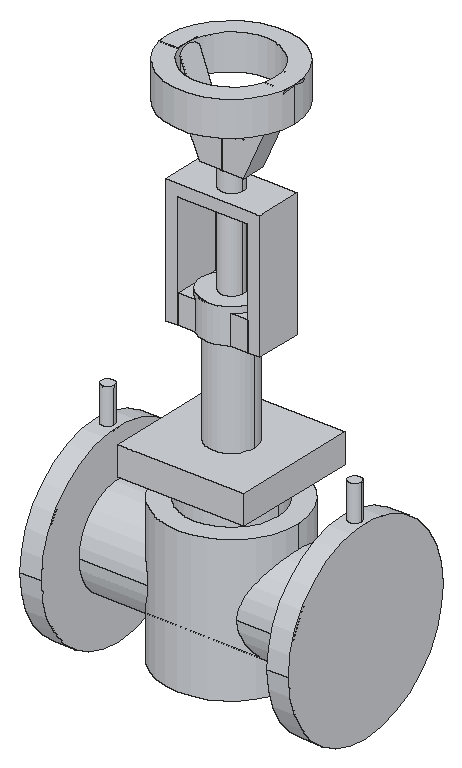
Revit family "Sigma_Compact_DN050-HF_PN16_RFA_2019", category Pipe Accessories, Revit 2019
Family settings
  Round Connector Dimension = Use Diameter
  Part Type = Valve - Breaks Into
  Work Plane-Based = No
  Always vertical = Yes
  Cut with Voids When Loaded = No
  Shared = No
Parameters (values of type "Sigma Compact DN 050 HF PN16")
  magiProductId = "68e8ec0e285d475ea5c3f8787337ca"
  magiProductFamilyId = "01495da7eb234de3883c6bc9c8853e"
  magiPartTypeId = 304
  isMeasuringValve [instance] = no
  ang2D [instance] = 0.00°
  W2D = 50 mm
  VersionID = "2.0/2018.12.13.2/FRESE_SIGMA_C_BIG_Q13_001"
  Use Minimum Symbol Size [instance] = no
  URL = "www.hydronix.cz"
  Type Comments = "přírubový; PN16; max dp=800kPa; 0~+120°C; max uzavírací tlak 1MPa"
  R4 = 40.25 mm
  R3 = 42.9 mm
  R1 = 57.5 mm
  QmdConnectorList = "301;D;302;D"
  Productdata [instance] = ""
  Manufacturer = "Hydronix"
  Maintenance Zone Under Depth [instance] = 100 mm
  Maintenance Zone Right Depth [instance] = 100 mm
  Maintenance Zone Over Depth [instance] = 100 mm
  Maintenance Zone Left Depth [instance] = 100 mm
  Maintenance Zone Front Depth [instance] = 100 mm
  Maintenance Zone Back Depth [instance] = 100 mm
  Maintenance Zone Front Visibility [instance] = no
  MC Use Limits From Balancing Method = no
  MC Throttling Minimum Value = 0
  MC Throttling Maximum Value = 0
  MC Product Code = "53-2410 DN50; PN16; (3920-24000 l/h); kvs=34"
  MC Pressure Drop Minimum Value = 0.0 Pa
  MC Pressure Drop Maximum Value = 0.0 Pa
  MC Piping Given Pressure Drop [instance] = 0.0 Pa
  LF__ve = -LF  # -18.4 mm
  LF2 = 9.2 mm
  LF = 18.4 mm
  L432 = 18.917 mm
  L43 = 37.835 mm
  L42 = 54.05 mm
  L4 = 108.1 mm
  L3 = 193.2 mm
  L2D_Min = 30.48 mm
  L2D = 230 mm
  L2 = 115 mm
  HH12 = 16.5 mm
  HH1 = 33 mm
  HDF__ve = -HDF  # -202 mm
  HDF = 202 mm
  H6 = 85 mm
  H4 = 24.75 mm
  H3 = 20.625 mm
  H2 = 61.875 mm
  H11 = 123.75 mm
  H1 = 480 mm
  H = 367 mm
  Description = "Automatický vyvažovací ventil"
  DF2 = 82.5 mm
  D = 50 mm
  Clearance Zone Height Depth [instance] = 100 mm
  Clearance Zone Circular Radius [instance] = 115 mm
  Clearance Zone Visibility [instance] = no
  CAT0 = yes
Types (9, lengths in mm): name | magiProductId | Type Comments | R4 | R3 | R1 | MC Product Code | LF__ve | LF2 | LF | L432 | L43 | L42 | L4 | L3 | L2 | HH12 | HH1 | HDF__ve | HDF | H4 | H3 | H2 | H11 | H1 | H | DF2 | D | Clearance Zone Circular Radius
  Sigma Compact DN 050 HF PN16 | "68e8ec0e285d475ea5c3f8787337ca" | "přírubový; PN16; max dp=800kPa; 0~+120°C; max uzavírací tlak 1MPa" | 40.25 | 42.9 | 57.5 | "53-2410 DN50; PN16; (3920-24000 l/h); kvs=34" | -18.4 | 9.2 | 18.4 | 18.917 | 37.835 | 54.05 | 108.1 | 193.2 | 115 | 16.5 | 33 | -202 | 202 | 24.75 | 20.625 | 61.875 | 123.75 | 480 | 367 | 82.5 | 50 | 115
  Sigma Compact DN 065 HF PN16 | "93d22af618bf47d6be13ef3bd41a97" | "přírubový; PN16; max dp=800kPa; 0~+120°C; max uzavírací tlak 1MPa" | 50.75 | 48.1 | 72.5 | "53-2411 DN65; PN16; (5950-35000 l/h); kvs=47" | -23.2 | 11.6 | 23.2 | 23.853 | 47.705 | 68.15 | 136.3 | 243.6 | 145 | 16.5 | 33 | -199 | 199 | 27.75 | 23.125 | 69.375 | 138.75 | 497 | 384 | 92.5 | 65 | 145
  Sigma Compact DN 080 HF PN16 | "30d16928369c437789493110503824" | "přírubový; PN16; max dp=800kPa; 0~+120°C; max uzavírací tlak 1MPa" | 54.25 | 52 | 77.5 | "53-2412 DN80; PN16; (7020-43000 l/h); kvs=61" | -24.8 | 12.4 | 24.8 | 25.497 | 50.995 | 72.85 | 145.7 | 260.4 | 155 | 16.5 | 33 | -213 | 213 | 30 | 25 | 75 | 150 | 526 | 413 | 100 | 80 | 155
  Sigma Compact DN 100 HF PN16 | "cbc2fc0a341c4a2b87b0bcbf79c376" | "přírubový; PN16; max dp=800kPa; 0~+120°C; max uzavírací tlak 1MPa" | 61.25 | 61.1 | 87.5 | "53-2413 DN100; PN16; (14800-90000 l/h); kvs=104" | -28 | 14 | 28 | 28.788 | 57.575 | 82.25 | 164.5 | 294 | 175 | 34 | 68 | -331 | 331 | 35.25 | 29.375 | 88.125 | 176.25 | 714 | 566 | 117.5 | 100 | 175
  Sigma Compact DN 125 HF PN16 | "02452206f7594718b3d97e4e693144" | "přírubový; PN16; max dp=800kPa; 0~+120°C; max uzavírací tlak 1MPa" | 70 | 70.2 | 100 | "53-2414 DN125; PN16; (23000-135000 l/h); kvs=185" | -32 | 16 | 32 | 32.9 | 65.8 | 94 | 188 | 336 | 200 | 36.5 | 73 | -338 | 338 | 40.5 | 33.75 | 101.25 | 202.5 | 761 | 608 | 135 | 125 | 200
  Sigma Compact DN 150 HF PN16 | "2e5d0064e2dd45fa818d7fb779c9a5" | "přírubový; PN16; max dp=800kPa; 0~+110°C; max uzavírací tlak 1MPa" | 84 | 74.1 | 120 | "53-2415 DN150; PN16; (32000-195000 l/h); kvs=242" | -38.4 | 19.2 | 38.4 | 39.48 | 78.96 | 112.8 | 225.6 | 403.2 | 240 | 13 | 26 | -391 | 391 | 42.75 | 35.625 | 106.875 | 213.75 | 782 | 676 | 142.5 | 150 | 240
  Sigma Compact DN 200 HF PN16 | "9690c155034b41f3a54554dedb5edf" | "přírubový; PN16; max dp=800kPa; 0~+110°C; max uzavírací tlak 1MPa" | 105 | 98.8 | 150 | "53-2416 DN200; PN16; (130000-280000 l/h); kvs=317" | -48 | 24 | 48 | 49.35 | 98.7 | 141 | 282 | 504 | 300 | 29.5 | 59 | -334 | 334 | 57 | 47.5 | 142.5 | 285 | 853 | 714 | 190 | 200 | 300
  Sigma Compact DN 250 HF PN16 | "baee3668eb0d4f168225ec1ed946f7" | "přírubový; PN16; max dp=800kPa; 0~+110°C; max uzavírací tlak 1MPa" | 127.75 | 115.44 | 182.5 | "53-2417 DN250; PN16; (245000-600000 l/h); kvs=717" | -58.4 | 29.2 | 58.4 | 60.042 | 120.085 | 171.55 | 343.1 | 613.2 | 365 | 29 | 58 | -462 | 462 | 66.6 | 55.5 | 166.5 | 333 | 1044 | 906 | 222 | 250 | 365
  Sigma Compact DN 300 HF PN16 | "f903017b03a74a7ebca8b59c0516bf" | "přírubový; PN16; max dp=800kPa; 0~+110°C; max uzavírací tlak 1MPa" | 148.75 | 135.2 | 212.5 | "53-2418 DN300; PN16; (245000-600000 l/h); kvs=717" | -68 | 34 | 68 | 69.912 | 139.825 | 199.75 | 399.5 | 714 | 425 | 29 | 58 | -424 | 424 | 78 | 65 | 195 | 390 | 1082 | 944 | 260 | 300 | 425
Reference planes
  plane 1 "Center (Front/Back)": y = 0
  plane 2 "XYPLANE": z = 0
  plane 3 "Center (Left/Right)": x = 0
  plane 4 "298": y = -182.5
  plane 5 "297": y = 182.5
  plane 6 "296": y = -82.5
  plane 7 "295": y = 82.5
  plane 8 "294": z = -182.5
  plane 9 "293": z = 497.5
  plane 10 "292": x = -215
  plane 11 "291": x = 215
  plane 12 "290": z = 497.5
  plane 13 "256": y = -20
  plane 14 "254": z = 291
  plane 15 "253": z = 301
  plane 16 "252": x = -40
  plane 17 "251": x = -30
  plane 18 "250": x = 40
  plane 19 "249": x = 30
  plane 20 "247": z = 192.25
  plane 21 "244": z = 284.5
  plane 22 "243": x = 54.05
  plane 23 "242": x = 37.835
  plane 24 "241": x = 18.917
  plane 25 "240": y = -10
  plane 26 "238": x = -18.917
  plane 27 "237": x = -37.835
  plane 28 "236": z = 317.5
  plane 29 "235": z = 347.5
  plane 30 "234": x = -54.05
  plane 31 "225": z = 397.5
  plane 32 "224": z = -82.5
  plane 33 "157": x = 105.8
  plane 34 "156": x = -105.8
  plane 35 "155": z = 82.5
  plane 36 "154": z = 107.25
  plane 37 "153": z = 82.5
  plane 38 "152": z = 61.875
  plane 39 "151": x = -96.6
  plane 40 "150": z = -61.875
  plane 41 "149": x = 0
  plane 42 "148": y = 0
  plane 43 "147": z = 0
  plane 44 "146": x = -115
  plane 45 "145": x = 115
Forms (mm)
  Blend 1, solid, visible <- "Maintenance Zone Front Visibility"
    base sketch origin (-750, 0, 497.5) x (1, 0, 0) y (0, 1, 0)
      loop
        line (535, 182.5) -> (535, -182.5) -> (965, -182.5) -> (965, 182.5) -> (535, 182.5)
    top sketch origin (-750, 0, 497.5) x (1, 0, 0) y (0, 1, 0)
      loop
        line (535, 182.5) -> (535, -182.5) -> (965, -182.5) -> (965, 182.5) -> (535, 182.5)
    from 0 to -680
  Blend 2, solid, visible <- "Clearance Zone Visibility"
    base sketch origin (-750, 0, 0) x (1, 0, 0) y (0, 1, 0)
      loop
        circle (750, 0) r 115
    top sketch origin (-750, 0, 0) x (1, 0, 0) y (0, 1, 0)
      loop
        circle (750, 0) r 115
    from 0 to 497.5
  Extrusion 3, solid
    sketch origin (-750, 0, 284.5) x (1, 0, 0) y (0, 1, 0)
      loop
        circle (750, 0) r 10
    from 0 to -202 <- "HDF__ve"
  Extrusion 4, solid
    sketch origin (-750, 0, 192.25) x (1, 0, 0) y (0, 1, 0)
      loop
        line (780, 20) -> (720, 20) -> (720, -20) -> (780, -20) -> (780, 20)
    from 0 to 25
  Extrusion 5, solid
    sketch origin (750, -20, 0) x (-1, 0, 0) y (0, 0, 1)
      loop
        line (790, 192.25) -> (790, 301) -> (710, 301) -> (710, 192.25) -> (720, 192.25) -> (720, 291) -> (780, 291) -> (780, 192.25) -> (790, 192.25)
    from 0 to 40
  Extrusion 6, solid
    sketch origin (-750, 0, 192.25) x (1, 0, 0) y (0, 1, 0)
      loop
        circle (750, 0) r 25
    from 0 to 30
  Extrusion 7, solid
    sketch origin (750, -10, 0) x (-1, 0, 0) y (0, 0, 1)
      loop
        line (787.835, 397.5) -> (768.917, 347.5) -> (750, 347.5) -> (750, 317.5) -> (768.917, 317.5) -> (804.05, 397.5) -> (787.835, 397.5)
    from 0 to 20
  Extrusion 8, solid
    sketch origin (750, -10, 0) x (-1, 0, 0) y (0, 0, 1)
      loop
        line (712.165, 397.5) -> (695.95, 397.5) -> (731.083, 317.5) -> (750, 317.5) -> (750, 347.5) -> (731.083, 347.5) -> (712.165, 397.5)
    from 0 to 20
  Extrusion 9, solid
    sketch origin (-750, 0, 284.5) x (1, 0, 0) y (0, 1, 0)
      loop
        circle (750, 0) r 10
    from 0 to 33 <- "HH1"
  Extrusion 10, solid
    sketch origin (-750, 0, 397.5) x (1, 0, 0) y (0, 1, 0)
      loop
        circle (750, 0) r 54.05
      loop
        circle (750, 0) r 37.835
    from 0 to -30
  Extrusion 11, solid, visible <- "CAT0"
    sketch origin (-750, 0, 82.5) x (1, 0, 0) y (0, 1, 0)
      loop
        circle (855.8, 0) r 5.5
    from 0 to 30
  Extrusion 12, solid, visible <- "CAT0"
    sketch origin (-750, 0, 82.5) x (1, 0, 0) y (0, 1, 0)
      loop
        circle (644.2, 0) r 5.5
    from 0 to 30
  Extrusion 13, solid, visible <- "CAT0"
    sketch origin (-750, 0, 107.25) x (1, 0, 0) y (0, 1, 0)
      loop
        circle (750, 0) r 20
    from 0 to 85 <- "H6"
  Extrusion 14, solid, visible <- "CAT0"
    sketch origin (-750, 0, 82.5) x (1, 0, 0) y (0, 1, 0)
      loop
        line (804.05, 54.05) -> (695.95, 54.05) -> (695.95, -54.05) -> (804.05, -54.05) -> (804.05, 54.05)
    from 0 to 24.75 <- "H4"
  Extrusion 15, solid, visible <- "CAT0"
    sketch origin (-750, 0, 61.875) x (1, 0, 0) y (0, 1, 0)
      loop
        circle (750, 0) r 40.25
    from 0 to 20.625 <- "H3"
  Extrusion 16, solid, visible <- "CAT0"
    sketch origin (-96.6, -750, 0) x (0, 1, 0) y (0, 0, 1)
      loop
        circle (750, 0) r 42.9
    from 0 to 193.2 <- "L3"
  Extrusion 17, solid, visible <- "CAT0"
    sketch origin (-750, 0, -61.875) x (1, 0, 0) y (0, 1, 0)
      loop
        circle (750, 0) r 57.5
    from 0 to 123.75 <- "H11"
  Extrusion 18, solid, visible <- "CAT0"
    sketch origin (-115, -750, 0) x (0, 1, 0) y (0, 0, 1)
      loop
        circle (750, 0) r 82.5
    from 0 to 18.4 <- "LF"
  Extrusion 19, solid, visible <- "CAT0"
    sketch origin (115, -750, 0) x (0, 1, 0) y (0, 0, 1)
      loop
        circle (750, 0) r 82.5
    from 0 to -18.4 <- "LF__ve"
  Extrusion 20, solid, not visible
    sketch origin (-115, -750, 0) x (0, 1, 0) y (0, 0, 1)
      loop
        circle (750, 0) r 10
    from 0 to 10
  Extrusion 21, solid, not visible
    sketch origin (115, -750, 0) x (0, 1, 0) y (0, 0, 1)
      loop
        circle (750, 0) r 10
    from 0 to -10
Lines and regions (mm)
  reference lines, not visible
    curve 1: circle (2, 2, 0) r 1 normal (0, 0, 1)
  reference lines
    curve 2: circle (0, 0, 82.5) r 1 normal (0, 0, 1)
Dimensions and locks
  plane 1 "Center (Front/Back)" to curve 1 = 2 mm
  "Maintenance Zone Front Depth": plane 6 "296" to plane 4 "298"
  "Maintenance Zone Back Depth": plane 7 "295" to plane 5 "297"
  "DF2": plane 42 "148" to plane 6 "296"
  "DF2": plane 42 "148" to plane 7 "295"
  "Maintenance Zone Under Depth": plane 32 "224" to plane 8 "294"
  "Maintenance Zone Over Depth": plane 31 "225" to plane 9 "293"
  "Maintenance Zone Left Depth": plane 44 "146" to plane 10 "292"
  "Maintenance Zone Right Depth": plane 45 "145" to plane 11 "291"
  "Clearance Zone Height Depth": plane 31 "225" to plane 12 "290"
  locked: plane 25 "240" to plane 13 "256" at 10
  locked: plane 15 "253" to plane 14 "254" at 10
  "HH12": plane 21 "244" to plane 15 "253"
  locked: plane 17 "251" to plane 16 "252" at 10
  locked: plane 41 "149" to plane 17 "251" at 30
  locked: plane 19 "249" to plane 18 "250" at 10
  locked: plane 41 "149" to plane 19 "249" at 30
  "H6": plane 36 "154" to plane 20 "247"
  "H": plane 32 "224" to plane 21 "244"
  "L42": plane 41 "149" to plane 22 "243"
  "L43": plane 41 "149" to plane 23 "242"
  "L432": plane 41 "149" to plane 24 "241"
  locked: plane 42 "148" to plane 25 "240" at 10
  "L432": plane 41 "149" to plane 26 "238"
  "L43": plane 41 "149" to plane 27 "237"
  locked: plane 29 "235" to plane 28 "236" at 30
  locked: plane 31 "225" to plane 29 "235" at 50
  "L42": plane 41 "149" to plane 30 "234"
  "H1": plane 32 "224" to plane 31 "225"
  "DF2": plane 2 "XYPLANE" to plane 32 "224"
  "LF2": plane 45 "145" to plane 33 "157"
  "LF2": plane 44 "146" to plane 34 "156"
  "DF2": plane 2 "XYPLANE" to plane 35 "155"
  "H4": plane 37 "153" to plane 36 "154"
  "H3": plane 38 "152" to plane 37 "153"
  "H11": plane 40 "150" to plane 38 "152"
  "LF": plane 44 "146" to plane 39 "151"
  "H2": plane 2 "XYPLANE" to plane 40 "150"
  locked: plane 3 "Center (Left/Right)" to plane 41 "149"
  locked: plane 1 "Center (Front/Back)" to plane 42 "148"
  locked: plane 2 "XYPLANE" to plane 43 "147"
  "L2": plane 3 "Center (Left/Right)" to plane 44 "146"
  "L2": plane 3 "Center (Left/Right)" to plane 45 "145"
  Blend 1 sketch curve to Blend 1 sketch curve = 0 mm  (x16)
  Extrusion 4 sketch curve to Extrusion 4 sketch curve = 0 mm  (x8)
  Extrusion 5 sketch curve to Extrusion 5 sketch curve = 0 mm  (x16)
  Extrusion 7 sketch curve to Extrusion 7 sketch curve = 0 mm  (x12)
  Extrusion 8 sketch curve to Extrusion 8 sketch curve = 0 mm  (x12)
  equal spacing: Extrusion 14 sketch curve, curve 2, Extrusion 14 sketch curve  (x2)
  "L4": Extrusion 14 sketch curve to Extrusion 14 sketch curve  (x2)
  Extrusion 14 sketch curve to Extrusion 14 sketch curve = 0 mm  (x8)
  "Clearance Zone Circular Radius": radius of Blend 2 sketch curve  (x2)
  "L42": radius of Extrusion 10 sketch curve
  "L43": radius of Extrusion 10 sketch curve
  "R4": radius of Extrusion 15 sketch curve
  "R3": radius of Extrusion 16 sketch curve
  "R1": radius of Extrusion 17 sketch curve
  "DF2": radius of Extrusion 18 sketch curve
  "DF2": radius of Extrusion 19 sketch curve
  aligned and locked: level to plane 2 "XYPLANE"
  aligned and locked: Blend 1 sketch curve to plane 5 "297"  (x2)
  aligned and locked: plane 10 "292" to Blend 1 sketch curve  (x4)
  aligned and locked: plane 11 "291" to Blend 1 sketch curve  (x4)
  aligned and locked: plane 5 "297" to Blend 1 sketch curve  (x2)
  aligned and locked: plane 4 "298" to Blend 1 sketch curve  (x4)
  aligned and locked: Blend 1 to plane 8 "294"
  aligned and locked: plane 41 "149" to Blend 2 sketch curve  (x2)
  aligned and locked: plane 42 "148" to Blend 2 sketch curve  (x2)
  aligned and locked: plane 12 "290" to Blend 2
  aligned and locked: plane 41 "149" to Extrusion 3 sketch curve
  aligned and locked: plane 42 "148" to Extrusion 3 sketch curve
  aligned and locked: Extrusion 5 sketch curve to plane 16 "252"
  aligned and locked: plane 20 "247" to Extrusion 5 sketch curve  (x4)
  aligned and locked: plane 15 "253" to Extrusion 5 sketch curve  (x2)
  aligned and locked: plane 16 "252" to Extrusion 5 sketch curve
  aligned and locked: plane 18 "250" to Extrusion 5 sketch curve  (x2)
  aligned and locked: plane 19 "249" to Extrusion 5 sketch curve  (x2)
  aligned and locked: plane 14 "254" to Extrusion 5 sketch curve  (x2)
  aligned and locked: plane 17 "251" to Extrusion 5 sketch curve  (x2)
  aligned and locked: plane 41 "149" to Extrusion 6 sketch curve
  aligned and locked: plane 42 "148" to Extrusion 6 sketch curve
  aligned and locked: plane 27 "237" to Extrusion 7 sketch curve
  aligned and locked: plane 31 "225" to Extrusion 7 sketch curve  (x2)
  aligned and locked: plane 26 "238" to Extrusion 7 sketch curve  (x2)
  aligned and locked: plane 29 "235" to Extrusion 7 sketch curve  (x2)
  aligned and locked: plane 41 "149" to Extrusion 7 sketch curve  (x2)
  aligned and locked: plane 28 "236" to Extrusion 7 sketch curve  (x2)
  aligned and locked: plane 30 "234" to Extrusion 7 sketch curve
  aligned and locked: plane 23 "242" to Extrusion 8 sketch curve
  aligned and locked: plane 31 "225" to Extrusion 8 sketch curve  (x2)
  aligned and locked: plane 24 "241" to Extrusion 8 sketch curve  (x2)
  aligned and locked: plane 29 "235" to Extrusion 8 sketch curve  (x2)
  aligned and locked: plane 41 "149" to Extrusion 8 sketch curve  (x2)
  aligned and locked: plane 28 "236" to Extrusion 8 sketch curve  (x2)
  aligned and locked: plane 22 "243" to Extrusion 8 sketch curve
  aligned and locked: plane 41 "149" to Extrusion 9 sketch curve
  aligned and locked: plane 42 "148" to Extrusion 9 sketch curve
  aligned and locked: plane 41 "149" to Extrusion 10 sketch curve  (x2)
  aligned and locked: plane 42 "148" to Extrusion 10 sketch curve  (x2)
  aligned and locked: plane 33 "157" to Extrusion 11 sketch curve
  aligned and locked: plane 42 "148" to Extrusion 11 sketch curve
  aligned and locked: plane 34 "156" to Extrusion 12 sketch curve
  aligned and locked: plane 42 "148" to Extrusion 12 sketch curve
  aligned and locked: plane 41 "149" to Extrusion 13 sketch curve
  aligned and locked: plane 42 "148" to Extrusion 13 sketch curve
  aligned and locked: plane 41 "149" to curve 2
  aligned and locked: plane 42 "148" to curve 2
  aligned and locked: plane 41 "149" to Extrusion 15 sketch curve
  aligned and locked: plane 42 "148" to Extrusion 15 sketch curve
  aligned and locked: Extrusion 16 sketch curve to plane 42 "148"
  aligned and locked: plane 43 "147" to Extrusion 16 sketch curve
  aligned and locked: plane 41 "149" to Extrusion 17 sketch curve
  aligned and locked: plane 42 "148" to Extrusion 17 sketch curve
  aligned and locked: Extrusion 18 sketch curve to plane 42 "148"
  aligned and locked: plane 43 "147" to Extrusion 18 sketch curve
  aligned and locked: Extrusion 19 sketch curve to plane 42 "148"
  aligned and locked: plane 43 "147" to Extrusion 19 sketch curve
  aligned and locked: Extrusion 20 sketch curve to plane 42 "148"
  aligned and locked: plane 43 "147" to Extrusion 20 sketch curve
  aligned and locked: Extrusion 21 sketch curve to plane 42 "148"
  aligned and locked: plane 43 "147" to Extrusion 21 sketch curve
Automatic sketch dimensions
  plane 26 "238" to Extrusion 3 sketch curve = 8.917 mm
  Extrusion 4 sketch curve to plane 17 "251" = 0 mm
  Extrusion 4 sketch curve to plane 13 "256" = 0 mm
  Extrusion 4 sketch curve to plane 19 "249" = 0 mm
  Extrusion 4 sketch curve to plane 1 "Center (Front/Back)" = 20 mm
  plane 17 "251" to Extrusion 6 sketch curve = 5 mm
  plane 26 "238" to Extrusion 9 sketch curve = 8.917 mm
  Extrusion 11 sketch curve to plane 33 "157" = 5.5 mm
  plane 44 "146" to Extrusion 12 sketch curve = 3.7 mm
  Extrusion 13 sketch curve to plane 26 "238" = 1.083 mm
  Extrusion 20 sketch curve to plane 25 "240" = 0 mm
  Extrusion 21 sketch curve to plane 25 "240" = 0 mm
  plane 3 "Center (Left/Right)" to curve 1 = 2 mm
  Extrusion 14 sketch curve to plane 30 "234" = 0 mm
  plane 6 "296" to Extrusion 14 sketch curve = 28.45 mm
  radius of curve 2 = 1 mm
  radius of curve 1 = 1 mm
Connectors
  piping at (-115, 0, 0), diameter 50, driven by "D"
    settings: on Extrusion 20, index 1, connector inside diameter 609.6 mm, connector length 0 mm, flow factor 0, pipe flow 0.0 L/s, pressure drop 0.0 Pa, fitting loss kfactor 0, connector angle 0.00°, fixture units 0, engagement length 0 mm, angle of deflection 0.00°, flow configuration 0, flow direction 0, fitting loss method 0, system type 29, joint type 0, gender type 0, connector reference index 2, connector utility 0, adjustable connector no, is connector primary yes, connector description ""
  piping at (115, 0, 0), diameter 50, driven by "D"
    settings: on Extrusion 21, index 2, connector inside diameter 609.6 mm, connector length 0 mm, flow factor 0, pipe flow 0.0 L/s, pressure drop 0.0 Pa, fitting loss kfactor 0, connector angle 0.00°, fixture units 0, engagement length 0 mm, angle of deflection 0.00°, flow configuration 0, flow direction 0, fitting loss method 0, system type 29, joint type 0, gender type 0, connector reference index 1, connector utility 0, adjustable connector no, is connector primary no, connector description ""
